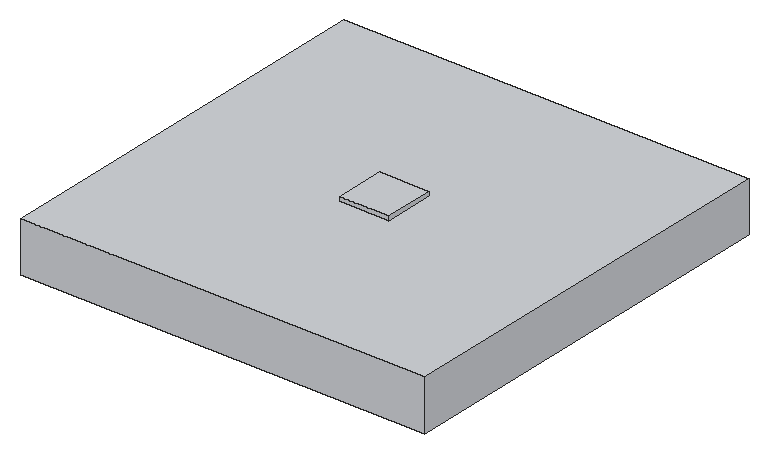
Revit family "M_Conector de duto retangular - Ar de retorno - Equipamento mecânico", category Equipamento mecânico, Revit 2019
Family settings
  Hospedeiro = Face
  Cota do conector redondo = Utilizar diâmetro
  Tipo de parte = Normal
  Número OmniClass = 23.75.70.21.27
  Título OmniClass = Air Outlets and Inlets
  ID de item do Seek = Rectangular Duct Connector - Return Air - Mechanical Equipment-0000-CAN-ENU
  Corte com vazios quando carregada = Não
  Compartilhado = Não
  Ponto de cálculo do ambiente = Não
Parameters (values of type "Padrão")
  Largura [instance] = 300 mm
  Espessura [instance] = 25 mm
  Altura [instance] = 300 mm
  Fluxo [instance] = 47.19 L/s
  Default Elevation = 0 mm
  Assembly Code = ""
Reference planes
  plane 1 "Centro (Frente/Trás)": y = 0
  plane 2: z = 0
  plane 3 "Centro (Esquerda/Direita)": x = 0
Forms (mm)
  Extrusion 1, solid
    sketch origin (0, 0, 0) x (1, 0, 0) y (0, 1, 0)
      loop
        line (-1219.2, 1219.2) -> (-1219.2, -1219.2) -> (1219.2, -1219.2) -> (1219.2, 1219.2) -> (-1219.2, 1219.2)
    from 0 to -304.8
  Sweep 2, solid
    path in 3D
      loop
        line (0, 0, 0) -> (0, 0, 25)
    profile "M_Duto - Retangular : Duto - Retangular" origin (0, 0, 12.5) x (0, -1, 0) y (1, 0, 0)
      loop
        line (-150, 150) -> (-150, -150) -> (150, -150) -> (150, 150) -> (-150, 150)
Lines and regions (mm)
  reference lines
    curve 1: line (0, 0, 0) -> (0, 0, 25)
  sketch lines
    curve 2: line (0, 0, 0) -> (0, 0, 25)
Dimensions and locks
  "Espessura": curve 1 to curve 1
  aligned and locked: plane 2 to Extrusion 1
  aligned and locked: level to Extrusion 1
  aligned and locked: Extrusion 1 to curve 1
  aligned and locked: curve 1 to plane 1 "Centro (Frente/Trás)"
Automatic sketch dimensions
  Extrusion 1 sketch curve to Extrusion 1 sketch curve = 2438.4 mm  (x2)
Connectors
  hvac at (0, 0, 25), driven by "Altura", driven by "Largura", driven by "Fluxo"
    settings: on Sweep 2, index 1, duct flow 47.19 L/s, flow factor 0, pres drop 0.0 Pa, loss coef 0, conn angle 0.00°, conn width 300 mm, conn height 300 mm, conn diameter 609.6 mm, duct sys type 2, conn prof type 1, flow config 1, flow direction 2, loss method 0, conn ref index -1, conn util no, is conn primary yes, conn desc ""
